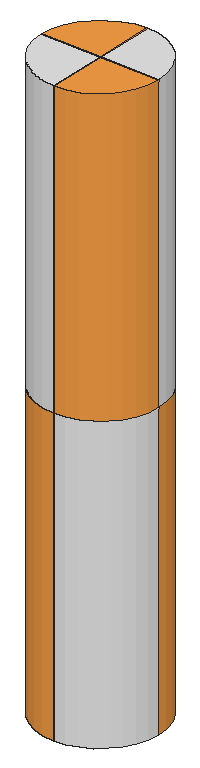
Revit family "DBU_GM_UN_Opening-SymbolicCircular_gen_BERSnl", category Generic Models, Revit 2022
Family settings
  Can host rebar = No
  Round Connector Dimension = Use Diameter
  Part Type = Normal
  Work Plane-Based = No
  Always vertical = No
  Cut with Voids When Loaded = No
  Maintain Annotation Orientation = No
  Shared = No
  Room Calculation Point = No
Parameters (values of type "Floor")
  Wall = no
  ViewCutPlane [instance] = 1500 mm
  Response [instance] = if(DBU_OpeningStatus = 0, "Request", if(DBU_OpeningStatus = 1, "Declined", if(DBU_OpeningStatus = 2, "Approved", if(DBU_OpeningStatus = 3, "Approved Drilling", if(DBU_OpeningStatus = 4, "On Hold", if(DBU_OpeningStatus = 5, "Executed", "Invalid"))))))  # "Request"
  Request [instance] = DBU_OpeningStatus = 0  # yes
  ParameterLock [instance] = 0 mm  # constant formula
  On Hold [instance] = DBU_OpeningStatus = 3  # no
  Not Drilling [instance] = yes
  Floor = not(Wall)  # yes
  Execution Type [instance] = if(Not Drilling, "Not Drilling", "Drilling")  # "Not Drilling"
  Executed [instance] = DBU_OpeningStatus = 4  # no
  Drilling [instance] = not(Not Drilling)  # no
  Default Elevation = 0 mm
  Declined [instance] = DBU_OpeningStatus = 1  # no
  DBU_OpeningStatus [instance] = 0
  DBU_CTE_Zone [instance] = ""
  DBU_CTE_Z Value - Top [instance] = ""
  DBU_CTE_Z Value - Center [instance] = ""
  DBU_CTE_Z Coordinate Value [instance] = ""
  DBU_CTE_Opening Host Link [instance] = ""
  DBU_CTE_Opening Host Element [instance] = ""
  DBU_CTE_Opening Host Category [instance] = ""
  DBU_CTE_Level [instance] = ""
  DBU_CTE_ID [instance] = ""
  DBU_CTE_Host ID [instance] = ""
  DBU_CTE_Discipline [instance] = ""
  DBU_CTE_Classificatie [instance] = ""
  DBU_CTE_BuildingPart [instance] = ""
  DBU_CLE_Radius [instance] = (DBU_CLE_Diameter / 2) + ParameterLock  # 100 mm
  DBU_CLE_Diameter [instance] = 200 mm
  DBU_CLE_Depth [instance] = 1000 mm
  Approved [instance] = DBU_OpeningStatus = 2  # no
Types (2, lengths in mm): name | Wall | Floor
  Floor | no | yes
  Wall | yes | no
Reference planes
  plane 1 "Center (Front/Back)": y = 0
  plane 2: z = 0
  plane 3 "Center (Left/Right)": x = 0
  plane 4: z = -100
  plane 5: z = -1000
  plane 6: z = -500
  plane 7: z = 1500
  plane 8: z = -2500
  plane 9: z = 1500
  plane 10: z = -2000
Lines and regions (mm)
  model lines, style "InvisibleLines", visible <- "Floor"
    curve 1: line (0, 0, -2500) -> (0, 0, 1500)
  model lines, style "InvisibleLines", visible <- "Wall"
    curve 2: line (0, 0, -2000) -> (0, 0, 1500)
Dimensions and locks
  "DBU_CLE_Radius": level to plane 4
  "DBU_CLE_Depth": level to plane 5
  equal spacing: level, plane 6, plane 5
  "ViewCutPlane": plane 5 to plane 8
  "ViewCutPlane": plane 7 to level
  "ViewCutPlane": plane 9 to level
  "ViewCutPlane": plane 6 to plane 10
  aligned and locked: level to plane 2
  aligned and locked: plane 3 "Center (Left/Right)" to nested 1
  aligned and locked: plane 1 "Center (Front/Back)" to nested 1
  aligned and locked: level to nested 1
  aligned and locked: curve 1 to plane 3 "Center (Left/Right)"
  aligned and locked: curve 1 to plane 1 "Center (Front/Back)"
  aligned and locked: plane 3 "Center (Left/Right)" to nested 3
  aligned and locked: nested 2 to plane 1 "Center (Front/Back)"
  aligned and locked: level to nested 2
  aligned and locked: nested 5 to plane 1 "Center (Front/Back)"
  aligned and locked: nested 5 to plane 6
  aligned and locked: plane 6 to nested 6
  aligned and locked: nested 6 to plane 3 "Center (Left/Right)"
  aligned and locked: plane 1 "Center (Front/Back)" to nested 7
  aligned and locked: plane 3 "Center (Left/Right)" to nested 7
  aligned and locked: nested 8 to plane 4
  aligned and locked: plane 3 "Center (Left/Right)" to nested 8
  aligned and locked: plane 7 to curve 1
  aligned and locked: plane 8 to curve 1
  aligned and locked: plane 9 to curve 2
  aligned and locked: plane 10 to curve 2
  aligned and locked: curve 2 to plane 3 "Center (Left/Right)"
Nested families
  nested 1: "DBU_OpeningCircular" at (0, 0, 0), Depth <- "DBU_CLE_Depth", Diameter <- "DBU_CLE_Diameter", ConstructorStatus <- "DBU_OpeningStatus", visible <- "Wall", type "Wall"
    with Request yes, RecessNeutral Color RGB 230-230-230, Radius 100 mm, OnHold no, Executed no, Diameter 200 mm, Depth 1000 mm, Declined no, ConstructorStatus 0, Approved no
  nested 2: "DBU_OpeningCircular" at (0, -100, -500) x (1, 0, 0) z (0, -1, 0), Depth <- "DBU_CLE_Depth", Diameter <- "DBU_CLE_Diameter", visible <- "Floor", ConstructorStatus <- "DBU_OpeningStatus", type "Floor"
    with Request yes, RecessNeutral Color RGB 230-230-230, Radius 100 mm, OnHold no, Executed no, Diameter 200 mm, Depth 1000 mm, Declined no, ConstructorStatus 0, Approved no
  nested 3: "DBU_00_DI_WB_Opening Detail_gen_BERSnl" at (0, 0, 0) x (0, 1, 0) z (0, 0, 1), visible <- "Wall", Length <- "DBU_CLE_Depth", Width <- "DBU_CLE_Diameter", type "DBU_00_DI_WB_Opening Detail_gen_BERSnl"
    with Width 200 mm, Length 1000 mm
  nested 4: "DBU_00_DI_WB_Opening Detail_gen_BERSnl" at (0, 0, -100) x (0, 1, 0) z (1, 0, 0), visible <- "Wall", Length <- "DBU_CLE_Depth", Width <- "DBU_CLE_Diameter", type "DBU_00_DI_WB_Opening Detail_gen_BERSnl"
    with Width 200 mm, Length 1000 mm
  nested 5: "DBU_00_DI_WB_Opening Detail_gen_BERSnl" at (0, 0, -500) x (0, 0, -1) z (1, 0, 0), Length <- "DBU_CLE_Depth", Width <- "DBU_CLE_Diameter", visible <- "Floor", type "DBU_00_DI_WB_Opening Detail_gen_BERSnl"
    with Width 200 mm, Length 1000 mm
  nested 6: "DBU_00_DI_WB_Opening Detail_gen_BERSnl" at (0, 0, -500) x (0, 0, 1) z (0, -1, 0), Length <- "DBU_CLE_Depth", Width <- "DBU_CLE_Diameter", visible <- "Floor", type "DBU_00_DI_WB_Opening Detail_gen_BERSnl"
    with Width 200 mm, Length 1000 mm
  nested 7: "DBU_00_DI_UN_Opening Detail - Rond_gen_BERSnl" at (0, 0, 0), DiameterOpening <- "DBU_CLE_Diameter", visible <- "Floor", type "DBU_00_DI_UN_Opening Detail - Rond_gen_BERSnl"
    with DiameterOpening 200 mm
  nested 8: "DBU_00_DI_UN_Opening Detail - Rond_gen_BERSnl" at (0, 0, -100) x (1, 0, 0) z (0, -1, 0), DiameterOpening <- "DBU_CLE_Diameter", visible <- "Wall", type "DBU_00_DI_UN_Opening Detail - Rond_gen_BERSnl"
    with DiameterOpening 200 mm
Definition of nested family "DBU_OpeningCircular"
  Parameters (values of type "Floor")
    Request [instance] = not(or(Declined, Approved, OnHold, Executed))  # yes
    RecessNeutral [instance] = none
    Radius [instance] = Diameter / 2  # 75 mm
    OnHold [instance] = ConstructorStatus = 3  # no
    Executed [instance] = ConstructorStatus = 4  # no
    Diameter [instance] = 150 mm
    Depth [instance] = 1000 mm
    Default Elevation = 1219.2 mm
    Declined [instance] = ConstructorStatus = 1  # no
    ConstructorStatus [instance] = 0
    Approved [instance] = ConstructorStatus = 2  # no
  Types (2): name
    Floor
    Wall
  Reference planes
    plane 1 "Center (Front/Back)": y = 0
    plane 2: z = 0
    plane 3 "Center (Left/Right)": x = 0
    plane 4: y = 500
    plane 5: y = -500
    plane 6: z = -75
    plane 7: z = -150
  Forms (mm)
    Extrusion 1, solid, visible <- "Request"
      sketch origin (0, 0, 0) x (1, 0, 0) y (0, 0, 1)
        loop
          line (0, -75) -> (0, 0)
          arc (0, 0) -> (-53.033, -21.967) -> (-75, -75) r 75
          line (-75, -75) -> (0, -75)
      from 0 to 500
    Extrusion 2, solid, material <- "RecessNeutral"
      sketch origin (0, 0, 0) x (1, 0, 0) y (0, 0, 1)
        loop
          line (0, -75) -> (75, -75)
          arc (75, -75) -> (53.033, -21.967) -> (0, 0) r 75
          line (0, 0) -> (0, -75)
      from 0 to 500
    Extrusion 3, solid, material <- "RecessNeutral"
      sketch origin (0, 0, 0) x (1, 0, 0) y (0, 0, 1)
        loop
          arc (-75, -75) -> (-53.033, -128.033) -> (0, -150) r 75
          line (0, -150) -> (0, -75) -> (-75, -75)
      from 0 to 500
    Extrusion 4, solid, visible <- "Request"
      sketch origin (0, 0, 0) x (1, 0, 0) y (0, 0, 1)
        loop
          line (75, -75) -> (0, -75) -> (0, -150)
          arc (0, -150) -> (53.033, -128.033) -> (75, -75) r 75
      from 0 to 500
    Extrusion 5, solid, visible <- "Request"
      sketch origin (0, 0, 0) x (1, 0, 0) y (0, 0, 1)
        loop
          arc (75, -75) -> (53.033, -21.967) -> (0, 0) r 75
          line (0, 0) -> (0, -75) -> (75, -75)
      from -500 to 0
    Extrusion 6, solid, material <- "RecessNeutral"
      sketch origin (0, 0, 0) x (1, 0, 0) y (0, 0, 1)
        loop
          line (75, -75) -> (0, -75) -> (0, -150)
          arc (0, -150) -> (53.033, -128.033) -> (75, -75) r 75
      from -500 to 0
    Extrusion 7, solid, material <- "RecessNeutral"
      sketch origin (0, 0, 0) x (1, 0, 0) y (0, 0, 1)
        loop
          arc (0, 0) -> (-53.033, -21.967) -> (-75, -75) r 75
          line (-75, -75) -> (0, -75) -> (0, 0)
      from -500 to 0
    Extrusion 8, solid, visible <- "Request"
      sketch origin (0, 0, 0) x (1, 0, 0) y (0, 0, 1)
        loop
          line (0, -150) -> (0, -75) -> (-75, -75)
          arc (-75, -75) -> (-53.033, -128.033) -> (0, -150) r 75
      from -500 to 0
    Extrusion 9, solid, visible <- "Declined"
      sketch origin (0, 0, 0) x (1, 0, 0) y (0, 0, 1)
        loop
          line (0, -75) -> (0, 0)
          arc (0, 0) -> (-53.033, -21.967) -> (-75, -75) r 75
          line (-75, -75) -> (0, -75)
      from 0 to 500
    Extrusion 10, solid, visible <- "Declined"
      sketch origin (0, 0, 0) x (1, 0, 0) y (0, 0, 1)
        loop
          line (75, -75) -> (0, -75) -> (0, -150)
          arc (0, -150) -> (53.033, -128.033) -> (75, -75) r 75
      from 0 to 500
    Extrusion 11, solid, visible <- "Declined"
      sketch origin (0, 0, 0) x (1, 0, 0) y (0, 0, 1)
        loop
          arc (75, -75) -> (53.033, -21.967) -> (0, 0) r 75
          line (0, 0) -> (0, -75) -> (75, -75)
      from -500 to 0
    Extrusion 12, solid, visible <- "Declined"
      sketch origin (0, 0, 0) x (1, 0, 0) y (0, 0, 1)
        loop
          line (0, -150) -> (0, -75) -> (-75, -75)
          arc (-75, -75) -> (-53.033, -128.033) -> (0, -150) r 75
      from -500 to 0
    Extrusion 13, solid, visible <- "Approved"
      sketch origin (0, 0, 0) x (1, 0, 0) y (0, 0, 1)
        loop
          line (0, -75) -> (0, 0)
          arc (0, 0) -> (-53.033, -21.967) -> (-75, -75) r 75
          line (-75, -75) -> (0, -75)
      from 0 to 500
    Extrusion 14, solid, visible <- "Approved"
      sketch origin (0, 0, 0) x (1, 0, 0) y (0, 0, 1)
        loop
          line (75, -75) -> (0, -75) -> (0, -150)
          arc (0, -150) -> (53.033, -128.033) -> (75, -75) r 75
      from 0 to 500
    Extrusion 15, solid, visible <- "Approved"
      sketch origin (0, 0, 0) x (1, 0, 0) y (0, 0, 1)
        loop
          arc (75, -75) -> (53.033, -21.967) -> (0, 0) r 75
          line (0, 0) -> (0, -75) -> (75, -75)
      from -500 to 0
    Extrusion 16, solid, visible <- "Approved"
      sketch origin (0, 0, 0) x (1, 0, 0) y (0, 0, 1)
        loop
          line (0, -150) -> (0, -75) -> (-75, -75)
          arc (-75, -75) -> (-53.033, -128.033) -> (0, -150) r 75
      from -500 to 0
    Extrusion 17, solid, visible <- "OnHold"
      sketch origin (0, 0, 0) x (1, 0, 0) y (0, 0, 1)
        loop
          line (0, -75) -> (0, 0)
          arc (0, 0) -> (-53.033, -21.967) -> (-75, -75) r 75
          line (-75, -75) -> (0, -75)
      from 0 to 500
    Extrusion 18, solid, visible <- "OnHold"
      sketch origin (0, 0, 0) x (1, 0, 0) y (0, 0, 1)
        loop
          line (75, -75) -> (0, -75) -> (0, -150)
          arc (0, -150) -> (53.033, -128.033) -> (75, -75) r 75
      from 0 to 500
    Extrusion 19, solid, visible <- "OnHold"
      sketch origin (0, 0, 0) x (1, 0, 0) y (0, 0, 1)
        loop
          arc (75, -75) -> (53.033, -21.967) -> (0, 0) r 75
          line (0, 0) -> (0, -75) -> (75, -75)
      from -500 to 0
    Extrusion 20, solid, visible <- "OnHold"
      sketch origin (0, 0, 0) x (1, 0, 0) y (0, 0, 1)
        loop
          line (0, -150) -> (0, -75) -> (-75, -75)
          arc (-75, -75) -> (-53.033, -128.033) -> (0, -150) r 75
      from -500 to 0
    Extrusion 21, solid, visible <- "Executed"
      sketch origin (0, 0, 0) x (1, 0, 0) y (0, 0, 1)
        loop
          line (0, -75) -> (0, 0)
          arc (0, 0) -> (-53.033, -21.967) -> (-75, -75) r 75
          line (-75, -75) -> (0, -75)
      from 0 to 500
    Extrusion 22, solid, visible <- "Executed"
      sketch origin (0, 0, 0) x (1, 0, 0) y (0, 0, 1)
        loop
          line (75, -75) -> (0, -75) -> (0, -150)
          arc (0, -150) -> (53.033, -128.033) -> (75, -75) r 75
      from 0 to 500
    Extrusion 23, solid, visible <- "Executed"
      sketch origin (0, 0, 0) x (1, 0, 0) y (0, 0, 1)
        loop
          arc (75, -75) -> (53.033, -21.967) -> (0, 0) r 75
          line (0, 0) -> (0, -75) -> (75, -75)
      from -500 to 0
    Extrusion 24, solid, visible <- "Executed"
      sketch origin (0, 0, 0) x (1, 0, 0) y (0, 0, 1)
        loop
          line (0, -150) -> (0, -75) -> (-75, -75)
          arc (-75, -75) -> (-53.033, -128.033) -> (0, -150) r 75
      from -500 to 0
  Dimensions and locks
    equal spacing: plane 4, plane 1 "Center (Front/Back)", plane 5
    "Depth": plane 4 to plane 5
    "Radius": level to plane 6
    "Radius": plane 6 to plane 7
    "Radius": radius of Extrusion 1 sketch curve
    "Radius": radius of Extrusion 2 sketch curve
    "Radius": radius of Extrusion 3 sketch curve
    "Radius": radius of Extrusion 4 sketch curve
    "Radius": radius of Extrusion 5 sketch curve
    "Radius": radius of Extrusion 6 sketch curve
    "Radius": radius of Extrusion 7 sketch curve
    "Radius": radius of Extrusion 8 sketch curve
    "Radius": radius of Extrusion 9 sketch curve
    "Radius": radius of Extrusion 10 sketch curve
    "Radius": radius of Extrusion 11 sketch curve
    "Radius": radius of Extrusion 12 sketch curve
    "Radius": radius of Extrusion 13 sketch curve
    "Radius": radius of Extrusion 14 sketch curve
    "Radius": radius of Extrusion 15 sketch curve
    "Radius": radius of Extrusion 16 sketch curve
    "Radius": radius of Extrusion 17 sketch curve
    "Radius": radius of Extrusion 18 sketch curve
    "Radius": radius of Extrusion 19 sketch curve
    "Radius": radius of Extrusion 20 sketch curve
    "Radius": radius of Extrusion 21 sketch curve
    "Radius": radius of Extrusion 22 sketch curve
    "Radius": radius of Extrusion 23 sketch curve
    "Radius": radius of Extrusion 24 sketch curve
    aligned and locked: level to plane 2
    aligned and locked: plane 3 "Center (Left/Right)" to Extrusion 1 sketch curve
    aligned and locked: plane 6 to Extrusion 1 sketch curve
    aligned and locked: Extrusion 1 to plane 5
    aligned and locked: plane 3 "Center (Left/Right)" to Extrusion 2 sketch curve  (x2)
    aligned and locked: Extrusion 2 sketch curve to plane 6
    aligned and locked: plane 6 to Extrusion 2 sketch curve
    aligned and locked: Extrusion 2 to plane 5
    aligned and locked: Extrusion 3 sketch curve to plane 6
    aligned and locked: Extrusion 3 sketch curve to plane 3 "Center (Left/Right)"
    aligned and locked: plane 3 "Center (Left/Right)" to Extrusion 3 sketch curve
    aligned and locked: plane 6 to Extrusion 3 sketch curve
    aligned and locked: Extrusion 3 to plane 5
    aligned and locked: plane 3 "Center (Left/Right)" to Extrusion 4 sketch curve
    aligned and locked: plane 6 to Extrusion 4 sketch curve  (x2)
    aligned and locked: Extrusion 4 sketch curve to plane 3 "Center (Left/Right)"
    aligned and locked: Extrusion 4 to plane 5
    aligned and locked: Extrusion 1 to plane 1 "Center (Front/Back)"
    aligned and locked: Extrusion 2 to plane 1 "Center (Front/Back)"
    aligned and locked: Extrusion 4 to plane 1 "Center (Front/Back)"
    aligned and locked: Extrusion 3 to plane 1 "Center (Front/Back)"
    aligned and locked: Extrusion 5 sketch curve to plane 3 "Center (Left/Right)"
    aligned and locked: Extrusion 5 sketch curve to plane 6
    aligned and locked: plane 3 "Center (Left/Right)" to Extrusion 5 sketch curve
    aligned and locked: plane 6 to Extrusion 5 sketch curve
    aligned and locked: plane 4 to Extrusion 5
    aligned and locked: plane 1 "Center (Front/Back)" to Extrusion 5
    aligned and locked: Extrusion 6 sketch curve to plane 6
    aligned and locked: plane 3 "Center (Left/Right)" to Extrusion 6 sketch curve  (x2)
    aligned and locked: plane 6 to Extrusion 6 sketch curve
    aligned and locked: plane 4 to Extrusion 6
    aligned and locked: plane 1 "Center (Front/Back)" to Extrusion 6
    aligned and locked: plane 3 "Center (Left/Right)" to Extrusion 7 sketch curve  (x2)
    aligned and locked: Extrusion 7 sketch curve to plane 6
    aligned and locked: plane 6 to Extrusion 7 sketch curve
    aligned and locked: plane 4 to Extrusion 7
    aligned and locked: plane 1 "Center (Front/Back)" to Extrusion 7
    aligned and locked: Extrusion 8 sketch curve to plane 3 "Center (Left/Right)"
    aligned and locked: Extrusion 8 sketch curve to plane 6
    aligned and locked: plane 3 "Center (Left/Right)" to Extrusion 8 sketch curve
    aligned and locked: plane 6 to Extrusion 8 sketch curve
    aligned and locked: plane 4 to Extrusion 8
    aligned and locked: plane 1 "Center (Front/Back)" to Extrusion 8
    aligned and locked: plane 6 to Extrusion 9 sketch curve  (x2)
    aligned and locked: plane 3 "Center (Left/Right)" to Extrusion 9 sketch curve  (x2)
    aligned and locked: Extrusion 9 to plane 1 "Center (Front/Back)"
    aligned and locked: Extrusion 9 to plane 5
    aligned and locked: Extrusion 10 sketch curve to plane 3 "Center (Left/Right)"
    aligned and locked: plane 6 to Extrusion 10 sketch curve  (x2)
    aligned and locked: plane 3 "Center (Left/Right)" to Extrusion 10 sketch curve
    aligned and locked: Extrusion 10 to plane 1 "Center (Front/Back)"
    aligned and locked: Extrusion 10 to plane 5
    aligned and locked: Extrusion 11 sketch curve to plane 3 "Center (Left/Right)"
    aligned and locked: Extrusion 11 sketch curve to plane 6
    aligned and locked: plane 3 "Center (Left/Right)" to Extrusion 11 sketch curve
    aligned and locked: plane 6 to Extrusion 11 sketch curve
    aligned and locked: plane 1 "Center (Front/Back)" to Extrusion 11
    aligned and locked: plane 4 to Extrusion 11
    aligned and locked: Extrusion 12 sketch curve to plane 3 "Center (Left/Right)"
    aligned and locked: Extrusion 12 sketch curve to plane 6
    aligned and locked: plane 3 "Center (Left/Right)" to Extrusion 12 sketch curve
    aligned and locked: plane 6 to Extrusion 12 sketch curve
    aligned and locked: plane 1 "Center (Front/Back)" to Extrusion 12
    aligned and locked: plane 4 to Extrusion 12
    aligned and locked: plane 6 to Extrusion 13 sketch curve  (x2)
    aligned and locked: plane 3 "Center (Left/Right)" to Extrusion 13 sketch curve  (x2)
    aligned and locked: Extrusion 13 to plane 1 "Center (Front/Back)"
    aligned and locked: Extrusion 13 to plane 5
    aligned and locked: Extrusion 14 sketch curve to plane 3 "Center (Left/Right)"
    aligned and locked: plane 6 to Extrusion 14 sketch curve  (x2)
    aligned and locked: plane 3 "Center (Left/Right)" to Extrusion 14 sketch curve
    aligned and locked: Extrusion 14 to plane 1 "Center (Front/Back)"
    aligned and locked: Extrusion 14 to plane 5
    aligned and locked: Extrusion 15 sketch curve to plane 6
    aligned and locked: plane 6 to Extrusion 15 sketch curve
    aligned and locked: Extrusion 15 sketch curve to plane 3 "Center (Left/Right)"
    aligned and locked: plane 3 "Center (Left/Right)" to Extrusion 15 sketch curve
    aligned and locked: plane 1 "Center (Front/Back)" to Extrusion 15
    aligned and locked: plane 4 to Extrusion 15
    aligned and locked: Extrusion 16 sketch curve to plane 3 "Center (Left/Right)"
    aligned and locked: plane 3 "Center (Left/Right)" to Extrusion 16 sketch curve
    aligned and locked: plane 6 to Extrusion 16 sketch curve
    aligned and locked: Extrusion 16 sketch curve to plane 6
    aligned and locked: plane 1 "Center (Front/Back)" to Extrusion 16
    aligned and locked: plane 4 to Extrusion 16
    aligned and locked: plane 6 to Extrusion 17 sketch curve  (x2)
    aligned and locked: plane 3 "Center (Left/Right)" to Extrusion 17 sketch curve  (x2)
    aligned and locked: Extrusion 17 to plane 1 "Center (Front/Back)"
    aligned and locked: Extrusion 17 to plane 5
    aligned and locked: Extrusion 18 sketch curve to plane 3 "Center (Left/Right)"
    aligned and locked: plane 3 "Center (Left/Right)" to Extrusion 18 sketch curve
    aligned and locked: plane 6 to Extrusion 18 sketch curve  (x2)
    aligned and locked: Extrusion 18 to plane 1 "Center (Front/Back)"
    aligned and locked: Extrusion 18 to plane 5
    aligned and locked: plane 3 "Center (Left/Right)" to Extrusion 19 sketch curve
    aligned and locked: Extrusion 19 sketch curve to plane 3 "Center (Left/Right)"
    aligned and locked: plane 6 to Extrusion 19 sketch curve
    aligned and locked: Extrusion 19 sketch curve to plane 6
    aligned and locked: plane 1 "Center (Front/Back)" to Extrusion 19
    aligned and locked: plane 4 to Extrusion 19
    aligned and locked: Extrusion 20 sketch curve to plane 3 "Center (Left/Right)"
    aligned and locked: plane 6 to Extrusion 20 sketch curve
    aligned and locked: Extrusion 20 sketch curve to plane 6
    aligned and locked: plane 3 "Center (Left/Right)" to Extrusion 20 sketch curve
    aligned and locked: plane 1 "Center (Front/Back)" to Extrusion 20
    aligned and locked: plane 4 to Extrusion 20
    aligned and locked: plane 6 to Extrusion 21 sketch curve  (x2)
    aligned and locked: plane 3 "Center (Left/Right)" to Extrusion 21 sketch curve  (x2)
    aligned and locked: Extrusion 21 to plane 1 "Center (Front/Back)"
    aligned and locked: Extrusion 21 to plane 5
    aligned and locked: Extrusion 22 sketch curve to plane 3 "Center (Left/Right)"
    aligned and locked: plane 3 "Center (Left/Right)" to Extrusion 22 sketch curve
    aligned and locked: plane 6 to Extrusion 22 sketch curve  (x2)
    aligned and locked: Extrusion 22 to plane 1 "Center (Front/Back)"
    aligned and locked: Extrusion 22 to plane 5
    aligned and locked: Extrusion 23 sketch curve to plane 6
    aligned and locked: plane 6 to Extrusion 23 sketch curve
    aligned and locked: Extrusion 23 sketch curve to plane 3 "Center (Left/Right)"
    aligned and locked: plane 3 "Center (Left/Right)" to Extrusion 23 sketch curve
    aligned and locked: plane 1 "Center (Front/Back)" to Extrusion 23
    aligned and locked: plane 4 to Extrusion 23
    aligned and locked: Extrusion 24 sketch curve to plane 3 "Center (Left/Right)"
    aligned and locked: plane 3 "Center (Left/Right)" to Extrusion 24 sketch curve
    aligned and locked: Extrusion 24 sketch curve to plane 6
    aligned and locked: plane 6 to Extrusion 24 sketch curve
    aligned and locked: plane 4 to Extrusion 24
    aligned and locked: plane 1 "Center (Front/Back)" to Extrusion 24
Definition of nested family "DBU_00_DI_WB_Opening Detail_gen_BERSnl"
  Parameters (values of type "DBU_00_DI_WB_Opening Detail_gen_BERSnl")
    Width [instance] = 500 mm
    Length [instance] = 1200 mm
  Reference planes
    plane 1 "Center (Front/Back)": y = 0
    plane 2: z = 0
    plane 3 "Center (Left/Right)": x = 0
    plane 4: x = -600
    plane 5: y = 250
    plane 6: x = 600
    plane 7: y = -250
  Lines and regions (mm)
    detail lines, in view "Ref. Level"
      curve 1: line (-600, -250, 0) -> (-600, 250, 0)
      curve 2: line (-600, 250, 0) -> (600, 250, 0)
      curve 3: line (600, 250, 0) -> (600, -250, 0)
      curve 4: line (600, -250, 0) -> (-600, -250, 0)
      curve 5: line (-600, -250, 0) -> (600, 250, 0)
      curve 6: line (-600, 250, 0) -> (600, -250, 0)
  Dimensions and locks
    equal spacing: plane 5, plane 1 "Center (Front/Back)", plane 7
    "Width": plane 5 to plane 7
    equal spacing: plane 4, plane 3 "Center (Left/Right)", plane 6
    "Length": plane 4 to plane 6
    aligned and locked: curve 1 to plane 4
    aligned and locked: curve 2 to plane 5
    aligned and locked: curve 3 to plane 6
    aligned and locked: plane 7 to curve 4
Definition of nested family "DBU_00_DI_UN_Opening Detail - Rond_gen_BERSnl"
  Parameters (values of type "DBU_00_DI_UN_Opening Detail - Rond_gen_BERSnl")
    DiameterOpening [instance] = 800 mm
  Reference planes
    plane 1 "Center (Front/Back)": y = 0
    plane 2: z = 0
    plane 3 "Center (Left/Right)": x = 0
  Lines and regions (mm)
    reference lines, in view "Ref. Level"
      curve 1: circle (0, 0, 0) r 400 normal (0, 0, 1)
      curve 2: line (0, 0, 0) -> (876.812, 876.812, 0)
      curve 5: line (0, 0, 0) -> (-678.823, 678.823, 0)
    detail lines, in view "Ref. Level"
      curve 3: circle (0, 0, 0) r 400 normal (0, 0, 1)
      curve 4: line (-282.843, -282.843, 0) -> (282.843, 282.843, 0)
      curve 6: line (-282.843, 282.843, 0) -> (282.843, -282.843, 0)
  Dimensions and locks
    "DiameterOpening": diameter of curve 1
    locked: plane 1 "Center (Front/Back)" to curve 2 (angle 45.00°)
    locked: curve 5 to plane 1 "Center (Front/Back)" (angle 45.00°)
    aligned and locked: plane 3 "Center (Left/Right)" to curve 1
    aligned and locked: plane 1 "Center (Front/Back)" to curve 1
    aligned and locked: plane 1 "Center (Front/Back)" to curve 2
    aligned and locked: curve 3 to curve 1
    aligned and locked: curve 4 to curve 2
    aligned and locked: plane 3 "Center (Left/Right)" to curve 5
    aligned and locked: curve 6 to curve 5
